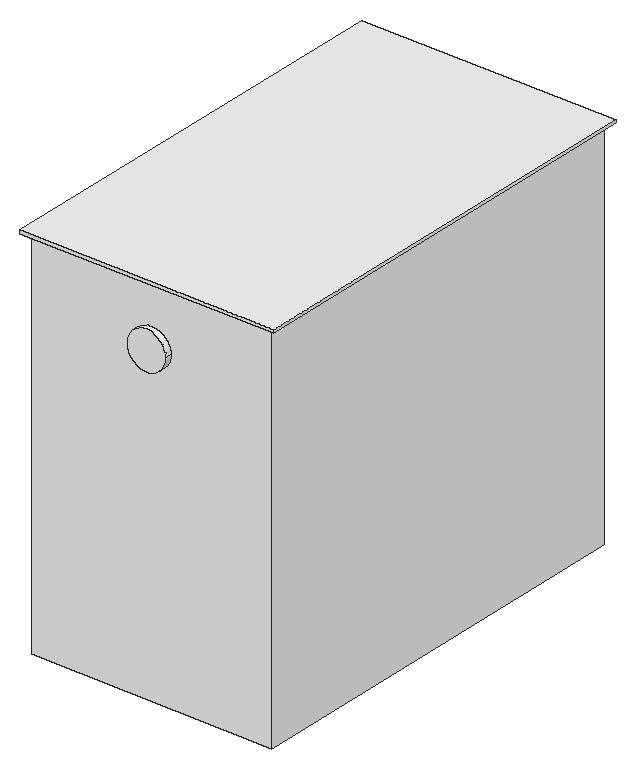
Revit family "Plumbing Fixture-Grease_Interseptor_Mifab_MI-RICE", category Plumbing Fixtures, host Face, Revit 2013
Parameters (values of type "MI-RICE-9")
  WFU = 0
  URL = "www.mifab.com"
  Standard Inlet And Outlet Radii = F / 2  # 3.000"
  Model = "MI-RICE-9"
  Manufacturer = "MIFAB"
  Interceptor Material = Acid Resistant Epoxy Coated Green
  Flow Rate = "506 GPM"
  F = 6.000"
  E = 60.000"
  Description = "Rice Interceptor"
  Default Elevation = 0.000"
  D = 50.000"
  C = 10.000"
  B = 40.000"
  Assembly Code = "D2090300"
  A = 67.500"
Types (13): name | Standard Inlet And Outlet Radii | Model | Flow Rate | F | E | D | C | B | A
  (no name) | 3.000" | "MI-RICE-9" | "506 GPM" | 6.000" | 60.000" | 50.000" | 10.000" | 40.000" | 67.500"
  MI-RICE-1 | 1.000" | "MI-RICE-1" | "34 GPM" | 2.000" | 20.000" | 17.000" | 3.000" | 20.000" | 29.500"
  MI-RICE-2 | 1.500" | "MI-RICE-2" | "40 GPM" | 3.000" | 24.000" | 20.000" | 4.000" | 20.500" | 29.500"
  MI-RICE-3 | 1.500" | "MI-RICE-3" | "80 GPM" | 3.000" | 30.000" | 26.000" | 4.000" | 26.000" | 33.500"
  MI-RICE-4 | 1.500" | "MI-RICE-4" | "111 GPM" | 3.000" | 32.000" | 28.000" | 4.000" | 30.000" | 37.500"
  MI-RICE-5 | 2.000" | "MI-RICE-5" | "155 GPM" | 4.000" | 36.000" | 30.000" | 6.000" | 26.000" | 55.500"
  MI-RICE-6 | 3.000" | "MI-RICE-6" | "213 GPM" | 6.000" | 40.000" | 32.000" | 8.000" | 28.000" | 67.500"
  MI-RICE-7 | 3.000" | "MI-RICE-7" | "302 GPM" | 6.000" | 54.000" | 44.000" | 10.000" | 28.000" | 67.500"
  MI-RICE-8 | 3.000" | "MI-RICE-8" | "405 GPM" | 6.000" | 66.000" | 54.000" | 12.000" | 30.000" | 67.500"
  MI-RICE-9 | 3.000" | "MI-RICE-9" | "506 GPM" | 6.000" | 60.000" | 50.000" | 10.000" | 40.000" | 67.500"
  MI-RICE-10 | 3.000" | "MI-RICE-10" | "750 GPM" | 6.000" | 62.000" | 54.000" | 8.000" | 40.000" | 91.500"
  MI-RICE-11 | 3.000" | "MI-RICE-11" | "1017 GPM" | 6.000" | 66.000" | 54.000" | 12.000" | 50.000" | 98.000"
  MI-RICE-12 | 3.000" | "MI-RICE-12" | "1536 GPM" | 6.000" | 92.000" | 80.000" | 12.000" | 50.000" | 98.000"
Reference planes (in)
  plane 1 "Center (Front/Back)": y = 0
  plane 2: z = 0
  plane 3 "Center (Left/Right)": x = 0
  plane 4: x = -20
  plane 5: y = -33.75
  plane 6: y = 33.75
  plane 7: x = 20
  plane 8: z = -10
  plane 9: z = -60
  plane 10: z = -60
  plane 11: z = -0.1345
  plane 12: z = -59.8655
Forms (in)
  Extrusion 1, solid, material "Acid Resistant Epoxy Coated Green" <- "Interceptor Material"
    sketch origin (0, 0, 0) x (1, 0, 0) y (0, 1, 0)
      loop
        line (-20, 33.75) -> (-20, -33.75) -> (20, -33.75) -> (20, 33.75) -> (-20, 33.75)
    from 0 to -0.5
  Extrusion 2, solid, material "Acid Resistant Epoxy Coated Green" <- "Interceptor Material"
    sketch origin (0, 0, 0) x (1, 0, 0) y (0, 1, 0)
      loop
        line (-19, 32.75) -> (-19, -32.75) -> (19, -32.75) -> (19, 32.75) -> (-19, 32.75)
    from 0 to -60
  Extrusion 3, solid, material "Acid Resistant Epoxy Coated Green" <- "Interceptor Material"
    sketch origin (0, 0, 0) x (1, 0, 0) y (0, 0, 1)
      loop
        circle (0, -10) r 3
    from -33.75 to 33.75
Cuts and joins
  joined: Extrusion 1, Extrusion 2, Extrusion 3
Lines and regions (in)
  symbolic lines
    curve 1: line (-20, 33.75, 0) -> (20, 33.75, 0)
    curve 2: line (-20, -33.75, 0) -> (-20, 33.75, 0)
    curve 3: line (20, -33.75, 0) -> (-20, -33.75, 0)
    curve 4: line (20, 33.75, 0) -> (20, -33.75, 0)
Dimensions and locks (in)
  equal spacing: plane 4, plane 3 "Center (Left/Right)", plane 7
  equal spacing: plane 6, plane 1 "Center (Front/Back)", plane 5
  "B": plane 4 to plane 7
  "A": plane 6 to plane 5
  "C": host face to plane 8
  "D": plane 8 to plane 9
  "E": host face to plane 10
  equal spacing: Extrusion 2 sketch curve, plane 3 "Center (Left/Right)", Extrusion 2 sketch curve
  equal spacing: Extrusion 2 sketch curve, plane 1 "Center (Front/Back)", Extrusion 2 sketch curve
  Extrusion 2 sketch curve to plane 6 = 1.000"
  plane 4 to Extrusion 2 sketch curve = 1.000"
  locked: plane 12 to plane 10 at 0.1345
  locked: host face to plane 11 at 0.1345
  "F": diameter of Extrusion 3 sketch curve
  aligned and locked: plane 2 to host face
  aligned and locked: level to host face
  aligned and locked: Extrusion 1 sketch curve to plane 6
  aligned and locked: Extrusion 1 sketch curve to plane 4
  aligned and locked: plane 5 to Extrusion 1 sketch curve
  aligned and locked: Extrusion 1 sketch curve to plane 7
  aligned and locked: Extrusion 2 to plane 9
  aligned and locked: Extrusion 3 to plane 5
  aligned and locked: plane 6 to Extrusion 3
  aligned and locked: Extrusion 3 to cut or joined group of Extrusion 1, Extrusion 2, Extrusion 3
  aligned and locked: curve 1 to plane 6
  aligned and locked: curve 2 to plane 4
  aligned and locked: plane 5 to curve 3
  aligned and locked: curve 4 to plane 7
Automatic sketch dimensions
  host sketch curve to host sketch curve = 116.49832"
  host sketch curve to host sketch curve = 135.5544"
  Extrusion 3 sketch curve to plane 3 "Center (Left/Right)" = 0.000"
  Extrusion 3 sketch curve to plane 8 = 0.000"
Connectors (in)
  piping at (0, 33.75, -10), driven by "Standard Inlet And Outlet Radii"
    settings: on cut or joined group of Extrusion 1, Extrusion 2, Extrusion 3, index 1, connector radius 3", flow factor 0, pipe flow 0 GPM, pressure drop 0.00 psi, fitting loss kfactor 0, connector angle 0.00°, fixture units 0, engagement length 0.000", flow configuration 0, flow direction 1, fitting loss method 0, system type 16, joint type 0, gender type 0, connector reference index -1, connector utility 0, adjustable connector no, is connector primary yes, fitting loss table "", connector description "In"
  piping at (0, -33.75, -10), driven by "Standard Inlet And Outlet Radii"
    settings: on cut or joined group of Extrusion 1, Extrusion 2, Extrusion 3, index 2, connector radius 3", flow factor 0, pipe flow 0 GPM, pressure drop 0.00 psi, fitting loss kfactor 0, connector angle 0.00°, fixture units 0, engagement length 0.000", flow configuration 0, flow direction 2, fitting loss method 0, system type 16, joint type 0, gender type 0, connector reference index -1, connector utility 0, adjustable connector no, is connector primary no, fitting loss table "", connector description "Out"
